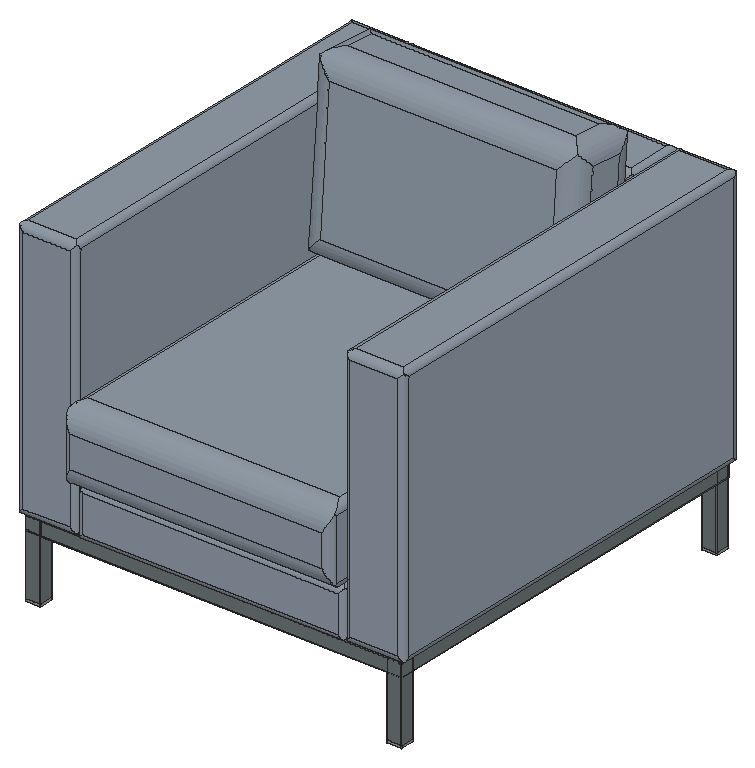
Revit family "FU_Chair_Sandler_Iber 5-1", category Furniture, Revit 2022
Family settings
  OmniClass Number = 23.40.20.00
  OmniClass Title = General Furniture and Specialties
  Work Plane-Based = No
  Always vertical = Yes
  Cut with Voids When Loaded = No
  Render Appearance Source = Family Geometry
  Shared = No
  Room Calculation Point = No
Parameters (values of type "Iber 5.1")
  Width = 780 mm
  URL = "https://www.sandlerseating.com/product/iber-5-1/"
  Seat [instance] = Fabric - Gravity - Frozen CPC27
  Model = "Iber 5.1"
  Manufacturer = "Sandler"
  Height = 780 mm
  Frame [instance] = Metal - Powdercoats - Granite Grey RAL 7026
  Description = "Lounge chair with slender armrests and chrome feet."
  Depth = 880 mm
  Default Elevation = 0 mm
Reference planes
  plane 1 "Center (Front/Back)": y = 0
  plane 2: z = 0
  plane 3 "Center (Left/Right)": x = 0
  plane 4 "Right": x = -390
  plane 5 "Left": x = 390
  plane 6 "Back": y = 440
  plane 7 "Front": y = -440
  plane 8 "Height": z = 780
  plane 9 "Seat Height": z = 410
  plane 10 "frame height FRONT": z = 155
  plane 11 "pads FRONT": z = 5
  plane 12 "frame right FRONT": x = -379.066
  plane 13 "frame left FRONT": x = 379.331
  plane 14 "frame front RIGHT": y = -396
  plane 15 "frame back RIGHT": y = 428
  plane 16 "inner right arm FRONT": x = -270.043
  plane 17 "inner left arm FRONT": x = 269.947
Forms (mm)
  Sweep 1, solid, material "Metal - Powdercoats - Granite Grey RAL 7026" <- "Frame"
    path origin (0, 0, 155) x (-1, 0, 0) y (0, -1, 0)
      loop
        line (379.066, -428) -> (379.066, 396) -> (-379.331, 396) -> (-379.331, -428) -> (379.066, -428)
    profile origin (0.132, 428, 155) x (0, 1, 0) y (0, 0, 1)
      loop
        line (-1.5, 0) -> (-28.5, 0)
        arc (-28.5, 0) -> (-29.561, -0.439) -> (-30, -1.5) r 1.5
        line (-30, -1.5) -> (-30, -26.5)
        arc (-30, -26.5) -> (-29.561, -27.561) -> (-28.5, -28) r 1.5
        line (-28.5, -28) -> (-1.5, -28)
        arc (-1.5, -28) -> (-0.439, -27.561) -> (0, -26.5) r 1.5
        line (0, -26.5) -> (0, -1.5)
        arc (0, -1.5) -> (-0.439, -0.439) -> (-1.5, 0) r 1.5
  Sweep 2, solid, material "Metal - Powdercoats - Granite Grey RAL 7026" <- "Frame"
    path origin (379.331, 0, 0) x (0, 0, 1) y (0, -1, 0)
      loop
        line (155, 396) -> (5, 396)
    profile origin (379.331, -396, 80) x (1, 0, 0) y (0, 1, 0)
      loop
        arc (-1.48, -0.021) -> (-0.419, 0.419) -> (0.02, 1.479) r 1.5
        line (0.02, 1.479) -> (0.02, 28.479)
        arc (0.02, 28.479) -> (-0.419, 29.54) -> (-1.48, 29.979) r 1.5
        line (-1.48, 29.979) -> (-28.48, 29.979)
        arc (-28.48, 29.979) -> (-29.541, 29.54) -> (-29.98, 28.479) r 1.5
        line (-29.98, 28.479) -> (-29.98, 1.479)
        arc (-29.98, 1.479) -> (-29.541, 0.419) -> (-28.48, -0.021) r 1.5
        line (-28.48, -0.021) -> (-1.48, -0.021)
  Sweep 3, solid, material "Metal - Powdercoats - Granite Grey RAL 7026" <- "Frame"
    path origin (-379.066, 0, 0) x (0, 0, 1) y (0, -1, 0)
      loop
        line (155, 396.021) -> (5, 396.021)
    profile origin (-379.066, -396.021, 80) x (1, 0, 0) y (0, 1, 0)
      loop
        arc (28.5, 0) -> (29.561, 0.439) -> (30, 1.5) r 1.5
        line (30, 1.5) -> (30, 28.5)
        arc (30, 28.5) -> (29.561, 29.561) -> (28.5, 30) r 1.5
        line (28.5, 30) -> (1.5, 30)
        arc (1.5, 30) -> (0.439, 29.561) -> (0, 28.5) r 1.5
        line (0, 28.5) -> (0, 1.5)
        arc (0, 1.5) -> (0.439, 0.439) -> (1.5, 0) r 1.5
        line (1.5, 0) -> (28.5, 0)
  Sweep 4, solid, material "Metal - Powdercoats - Granite Grey RAL 7026" <- "Frame"
    path origin (0, -396, 0) x (0, 0, 1) y (1, 0, 0)
      loop
        line (155, -379.066) -> (5, -379.066)
    profile origin (-379.066, -396, 80) x (0, 1, 0) y (-1, 0, 0)
      loop
        arc (794, -28.5) -> (794.439, -29.561) -> (795.5, -30) r 1.5
        line (795.5, -30) -> (822.5, -30)
        arc (822.5, -30) -> (823.561, -29.561) -> (824, -28.5) r 1.5
        line (824, -28.5) -> (824, -1.5)
        arc (824, -1.5) -> (823.561, -0.439) -> (822.5, 0) r 1.5
        line (822.5, 0) -> (795.5, 0)
        arc (795.5, 0) -> (794.439, -0.439) -> (794, -1.5) r 1.5
        line (794, -1.5) -> (794, -28.5)
  Sweep 5, solid, material "Metal - Powdercoats - Granite Grey RAL 7026" <- "Frame"
    path origin (379.331, 0, 0) x (0, 0, 1) y (0, -1, 0)
      loop
        line (155, -428) -> (5, -428)
    profile origin (379.331, 428, 80) x (1, 0, 0) y (0, 1, 0)
      loop
        arc (-1.5, -30) -> (-0.439, -29.561) -> (0, -28.5) r 1.5
        line (0, -28.5) -> (0, -1.5)
        arc (0, -1.5) -> (-0.439, -0.439) -> (-1.5, 0) r 1.5
        line (-1.5, 0) -> (-28.5, 0)
        arc (-28.5, 0) -> (-29.561, -0.439) -> (-30, -1.5) r 1.5
        line (-30, -1.5) -> (-30, -28.5)
        arc (-30, -28.5) -> (-29.561, -29.561) -> (-28.5, -30) r 1.5
        line (-28.5, -30) -> (-1.5, -30)
  Sweep 6, solid, material "Rubber, Natural"
    path origin (379.331, 0, 0) x (0, 0, 1) y (0, -1, 0)
      loop
        line (5, -428) -> (0, -428)
    profile origin (379.331, 428, 2.5) x (1, 0, 0) y (0, 1, 0)
      loop
        arc (-1.48, -30) -> (-0.419, -29.561) -> (0.02, -28.5) r 1.5
        line (0.02, -28.5) -> (0.02, -1.5)
        arc (0.02, -1.5) -> (-0.419, -0.439) -> (-1.48, 0) r 1.5
        line (-1.48, 0) -> (-28.48, 0)
        arc (-28.48, 0) -> (-29.541, -0.439) -> (-29.98, -1.5) r 1.5
        line (-29.98, -1.5) -> (-29.98, -28.5)
        arc (-29.98, -28.5) -> (-29.541, -29.561) -> (-28.48, -30) r 1.5
        line (-28.48, -30) -> (-1.48, -30)
  Sweep 7, solid, material "Rubber, Natural"
    path origin (379.331, 0, 0) x (0, 0, 1) y (0, -1, 0)
      loop
        line (5, 396.021) -> (0, 396.021)
    profile origin (379.331, -396.021, 2.5) x (1, 0, 0) y (0, 1, 0)
      loop
        arc (-1.48, 0) -> (-0.419, 0.439) -> (0.02, 1.5) r 1.5
        line (0.02, 1.5) -> (0.02, 28.5)
        arc (0.02, 28.5) -> (-0.419, 29.561) -> (-1.48, 30) r 1.5
        line (-1.48, 30) -> (-28.48, 30)
        arc (-28.48, 30) -> (-29.541, 29.561) -> (-29.98, 28.5) r 1.5
        line (-29.98, 28.5) -> (-29.98, 1.5)
        arc (-29.98, 1.5) -> (-29.541, 0.439) -> (-28.48, 0) r 1.5
        line (-28.48, 0) -> (-1.48, 0)
  Sweep 8, solid, material "Rubber, Natural"
    path origin (-379.066, 0, 0) x (0, 0, 1) y (0, -1, 0)
      loop
        line (5, 396.021) -> (0, 396.021)
    profile origin (-379.066, -396.021, 2.5) x (1, 0, 0) y (0, 1, 0)
      loop
        arc (28.5, 0) -> (29.561, 0.439) -> (30, 1.5) r 1.5
        line (30, 1.5) -> (30, 28.5)
        arc (30, 28.5) -> (29.561, 29.561) -> (28.5, 30) r 1.5
        line (28.5, 30) -> (1.5, 30)
        arc (1.5, 30) -> (0.439, 29.561) -> (0, 28.5) r 1.5
        line (0, 28.5) -> (0, 1.5)
        arc (0, 1.5) -> (0.439, 0.439) -> (1.5, 0) r 1.5
        line (1.5, 0) -> (28.5, 0)
  Sweep 9, solid, material "Rubber, Natural"
    path origin (-379.066, 0, 0) x (0, 0, 1) y (0, -1, 0)
      loop
        line (5, -428) -> (0, -428)
    profile origin (-379.066, 428, 2.5) x (1, 0, 0) y (0, 1, 0)
      loop
        arc (28.5, -30) -> (29.561, -29.561) -> (30, -28.5) r 1.5
        line (30, -28.5) -> (30, -1.5)
        arc (30, -1.5) -> (29.561, -0.439) -> (28.5, 0) r 1.5
        line (28.5, 0) -> (1.5, 0)
        arc (1.5, 0) -> (0.439, -0.439) -> (0, -1.5) r 1.5
        line (0, -1.5) -> (0, -28.5)
        arc (0, -28.5) -> (0.439, -29.561) -> (1.5, -30) r 1.5
        line (1.5, -30) -> (28.5, -30)
  Extrusion 10, solid, material "Fabric - Gravity - Frozen CPC27" <- "Seat"
    sketch origin (-390, 0, 0) x (0, 1, 0) y (0, 0, 1)
      loop
        arc (425, 155) -> (435.607, 159.393) -> (440, 170) r 15
        line (440, 170) -> (440, 670)
        arc (440, 670) -> (435.607, 680.607) -> (425, 685) r 15
        line (425, 685) -> (-388.972, 685)
        arc (-388.972, 685) -> (-399.579, 680.607) -> (-403.972, 670) r 15
        line (-403.972, 670) -> (-403.972, 170)
        arc (-403.972, 170) -> (-399.579, 159.393) -> (-388.972, 155) r 15
        line (-388.972, 155) -> (425, 155)
    from 0 to 119.957
  Extrusion 11, solid, material "Fabric - Gravity - Frozen CPC27" <- "Seat"
    sketch origin (390, 0, 0) x (0, 1, 0) y (0, 0, 1)
      loop
        arc (425, 155) -> (435.607, 159.393) -> (440, 170) r 15
        line (440, 170) -> (440, 670)
        arc (440, 670) -> (435.607, 680.607) -> (425, 685) r 15
        line (425, 685) -> (-388.972, 685)
        arc (-388.972, 685) -> (-399.579, 680.607) -> (-403.972, 670) r 15
        line (-403.972, 670) -> (-403.972, 170)
        arc (-403.972, 170) -> (-399.579, 159.393) -> (-388.972, 155) r 15
        line (-388.972, 155) -> (425, 155)
    from 0 to -120.053
  Sweep 12, void
    path in 3D
      loop
        line (-390, 440, 685) -> (-390, 440, 155) -> (-390, -403.972, 155) -> (-390, -403.972, 685) -> (-390, 440, 685)
    profile "Pro_edgeCut_12mm : Pro_edgeCut_12mm" origin (-390, 18.014, 685) x (-1, 0, 0) y (0, 0, 1)
      loop
        line (-7.071, 21.213) -> (-14.142, 0) -> (-12, 0)
        arc (-12, 0) -> (-3.515, -3.515) -> (0, -12) r 12
        line (0, -12) -> (0, -14.142) -> (21.213, -7.071) -> (-7.071, 21.213)
  Sweep 13, void
    path in 3D
      loop
        line (-270.043, -403.972, 685) -> (-270.043, -403.972, 155) -> (-270.043, 440, 155) -> (-270.043, 440, 685) -> (-270.043, -403.972, 685)
    profile "Pro_edgeCut_12mm : Pro_edgeCut_12mm" origin (-270.043, 18.014, 685) x (1, 0, 0) y (0, 0, 1)
      loop
        line (-7.071, 21.213) -> (-14.142, 0) -> (-12, 0)
        arc (-12, 0) -> (-3.515, -3.515) -> (0, -12) r 12
        line (0, -12) -> (0, -14.142) -> (21.213, -7.071) -> (-7.071, 21.213)
  Sweep 14, void
    path in 3D
      loop
        line (390, -403.972, 685) -> (390, -403.972, 155) -> (390, 440, 155) -> (390, 440, 685) -> (390, -403.972, 685)
    profile "Pro_edgeCut_12mm : Pro_edgeCut_12mm" origin (390, 18.014, 685) x (1, 0, 0) y (0, 0, 1)
      loop
        line (-7.071, 21.213) -> (-14.142, 0) -> (-12, 0)
        arc (-12, 0) -> (-3.515, -3.515) -> (0, -12) r 12
        line (0, -12) -> (0, -14.142) -> (21.213, -7.071) -> (-7.071, 21.213)
  Sweep 15, void
    path in 3D
      loop
        line (269.947, 440, 685) -> (269.947, 440, 155) -> (269.947, -403.972, 155) -> (269.947, -403.972, 685) -> (269.947, 440, 685)
    profile "Pro_edgeCut_12mm : Pro_edgeCut_12mm" origin (269.947, 18.014, 685) x (-1, 0, 0) y (0, 0, 1)
      loop
        line (-7.071, 21.213) -> (-14.142, 0) -> (-12, 0)
        arc (-12, 0) -> (-3.515, -3.515) -> (0, -12) r 12
        line (0, -12) -> (0, -14.142) -> (21.213, -7.071) -> (-7.071, 21.213)
  Extrusion 16, solid, material "Fabric - Gravity - Frozen CPC27" <- "Seat"
    sketch origin (0, 0, 0) x (0, 1, 0) y (0, 0, 1)
      loop
        line (-393.717, 155) -> (425, 155)
        arc (425, 155) -> (435.607, 159.393) -> (440, 170) r 15
        line (440, 170) -> (440, 669.793)
        arc (440, 669.793) -> (435.607, 680.4) -> (425, 684.793) r 15
        line (425, 684.793) -> (335, 684.793)
        arc (335, 684.793) -> (324.393, 680.4) -> (320, 669.793) r 15
        line (320, 669.793) -> (320, 255) -> (-388.717, 255)
        arc (-388.717, 255) -> (-399.324, 250.607) -> (-403.717, 240) r 15
        line (-403.717, 240) -> (-403.717, 165)
        arc (-403.717, 165) -> (-400.788, 157.929) -> (-393.717, 155) r 10
    from -270.043 to 269.947
  Sweep 17, void
    path in 3D
      loop
        line (269.947, -403.717, 255) -> (269.947, -403.717, 155) -> (269.947, 440, 155) -> (269.947, 440, 684.793) -> (269.947, 320, 684.793) -> (269.947, 320, 255) -> (269.947, -403.717, 255)
    profile "Pro_edgeCut_12mm : Pro_edgeCut_12mm" origin (269.947, -41.859, 255) x (1, 0, 0) y (0, 0, 1)
      loop
        line (-7.071, 21.213) -> (-14.142, 0) -> (-12, 0)
        arc (-12, 0) -> (-3.515, -3.515) -> (0, -12) r 12
        line (0, -12) -> (0, -14.142) -> (21.213, -7.071) -> (-7.071, 21.213)
  Sweep 18, void
    path in 3D
      loop
        line (-270.043, 320, 255) -> (-270.043, 320, 684.793) -> (-270.043, 440, 684.793) -> (-270.043, 440, 155) -> (-270.043, -403.717, 155) -> (-270.043, -403.717, 255) -> (-270.043, 320, 255)
    profile "Pro_edgeCut_12mm : Pro_edgeCut_12mm" origin (-270.043, -41.859, 255) x (-1, 0, 0) y (0, 0, 1)
      loop
        line (-7.071, 21.213) -> (-14.142, 0) -> (-12, 0)
        arc (-12, 0) -> (-3.515, -3.515) -> (0, -12) r 12
        line (0, -12) -> (0, -14.142) -> (21.213, -7.071) -> (-7.071, 21.213)
  Extrusion 19, solid, material "Fabric - Gravity - Frozen CPC27" <- "Seat"
    sketch origin (-270.043, 0, 0) x (0, 0, 1) y (0, -1, 0)
      loop
        arc (460.779, -158.902) -> (427.98, -169.413) -> (412.22, -200.037) r 45
        line (412.22, -200.037) -> (407.29, -259.601)
        arc (407.29, -259.601) -> (417.8, -292.399) -> (448.424, -308.16) r 45
        line (448.424, -308.16) -> (726.248, -331.157)
        arc (726.248, -331.157) -> (759.047, -320.647) -> (774.807, -290.023) r 45
        line (774.807, -290.023) -> (779.738, -230.458)
        arc (779.738, -230.458) -> (769.227, -197.66) -> (738.603, -181.9) r 45
        line (738.603, -181.9) -> (460.779, -158.902)
    from 0 to 539.99
  Sweep 20, void
    path in 3D
      loop
        line (269.947, 185.612, 783.45) -> (269.947, 155.19, 415.932) -> (269.947, 304.447, 403.577) -> (269.947, 334.869, 771.095) -> (269.947, 185.612, 783.45)
    profile "Pro_edgeCut_40mm : Pro_edgeCut_40mm" origin (269.947, 260.241, 777.272) x (0, -0.082494, -0.996592) y (1, 0, 0)
      loop
        line (7.071, 21.213) -> (-21.213, -7.071) -> (0, -40)
        arc (0, -40) -> (11.716, -11.716) -> (40, 0) r 40
        line (40, 0) -> (7.071, 21.213)
  Sweep 21, void
    path in 3D
      loop
        line (-270.043, 334.869, 771.095) -> (-270.043, 304.447, 403.577) -> (-270.043, 155.19, 415.932) -> (-270.043, 185.612, 783.45) -> (-270.043, 334.869, 771.095)
    profile "Pro_edgeCut_40mm : Pro_edgeCut_40mm" origin (-270.043, 260.241, 777.272) x (0, -0.082494, -0.996592) y (-1, 0, 0)
      loop
        line (7.071, 21.213) -> (-21.213, -7.071) -> (0, -40)
        arc (0, -40) -> (11.716, -11.716) -> (40, 0) r 40
        line (40, 0) -> (7.071, 21.213)
  Extrusion 22, solid, material "Fabric - Gravity - Frozen CPC27" <- "Seat"
    sketch origin (-270.043, 0, 0) x (0, 0, 1) y (0, -1, 0)
      loop
        line (255, -320) -> (410, -320) -> (410, 395)
        arc (410, 395) -> (396.82, 426.82) -> (365, 440) r 45
        line (365, 440) -> (300, 440)
        arc (300, 440) -> (268.18, 426.82) -> (255, 395) r 45
        line (255, 395) -> (255, -320)
    from 0 to 539.99
  Sweep 23, void
    path in 3D
      loop
        line (-270.043, 320, 410) -> (-270.043, 320, 255) -> (-270.043, -440, 255) -> (-270.043, -440, 410) -> (-270.043, 320, 410)
    profile "Pro_edgeCut_32-5mm : Pro_edgeCut_32-5mm" origin (-270.043, -60, 410) x (-1, 0, 0) y (0, 0, 1)
      loop
        line (-7.071, 21.213) -> (-16.25, 0)
        arc (-16.25, 0) -> (-4.76, -4.76) -> (0, -16.25) r 16.25
        line (0, -16.25) -> (21.213, -7.071) -> (-7.071, 21.213)
  Sweep 24, void
    path in 3D
      loop
        line (269.947, -440, 410) -> (269.947, -440, 255) -> (269.947, 320, 255) -> (269.947, 320, 410) -> (269.947, -440, 410)
    profile "Pro_edgeCut_32-5mm : Pro_edgeCut_32-5mm" origin (269.947, -60, 410) x (1, 0, 0) y (0, 0, 1)
      loop
        line (-7.071, 21.213) -> (-16.25, 0)
        arc (-16.25, 0) -> (-4.76, -4.76) -> (0, -16.25) r 16.25
        line (0, -16.25) -> (21.213, -7.071) -> (-7.071, 21.213)
Cuts and joins
  Sweep 12, Sweep 13 cuts Extrusion 10
  Sweep 14, Sweep 15 cuts Extrusion 11
  Sweep 17, Sweep 18 cuts Extrusion 16
  Sweep 20, Sweep 21 cuts Extrusion 19
  Sweep 23, Sweep 24 cuts Extrusion 22
Lines and regions (mm)
  sketch lines
    curve 1: line (-390, -403.972, 685) -> (-390, 440, 685)
    curve 2: line (-390, -403.972, 155) -> (-390, -403.972, 685)
    curve 3: line (-390, 440, 155) -> (-390, -403.972, 155)
    curve 4: line (-390, 440, 685) -> (-390, 440, 155)
    curve 5: line (-270.043, 440, 685) -> (-270.043, -403.972, 685)
    curve 6: line (-270.043, -403.972, 685) -> (-270.043, -403.972, 155)
    curve 7: line (-270.043, -403.972, 155) -> (-270.043, 440, 155)
    curve 8: line (-270.043, 440, 155) -> (-270.043, 440, 685)
    curve 9: line (390, 440, 685) -> (390, -403.972, 685)
    curve 10: line (390, -403.972, 685) -> (390, -403.972, 155)
    curve 11: line (390, -403.972, 155) -> (390, 440, 155)
    curve 12: line (390, 440, 155) -> (390, 440, 685)
    curve 13: line (269.947, -403.972, 685) -> (269.947, 440, 685)
    curve 14: line (269.947, -403.972, 155) -> (269.947, -403.972, 685)
    curve 15: line (269.947, 440, 155) -> (269.947, -403.972, 155)
    curve 16: line (269.947, 440, 685) -> (269.947, 440, 155)
    curve 17: line (269.947, 320, 255) -> (269.947, -403.717, 255)
    curve 18: line (269.947, -403.717, 255) -> (269.947, -403.717, 155)
    curve 19: line (269.947, -403.717, 155) -> (269.947, 440, 155)
    curve 20: line (269.947, 440, 155) -> (269.947, 440, 684.793)
    curve 21: line (269.947, 440, 684.793) -> (269.947, 320, 684.793)
    curve 22: line (269.947, 320, 684.793) -> (269.947, 320, 255)
    curve 23: line (-270.043, -403.717, 255) -> (-270.043, 320, 255)
    curve 24: line (-270.043, -403.717, 155) -> (-270.043, -403.717, 255)
    curve 25: line (-270.043, 440, 155) -> (-270.043, -403.717, 155)
    curve 26: line (-270.043, 440, 684.793) -> (-270.043, 440, 155)
    curve 27: line (-270.043, 320, 684.793) -> (-270.043, 440, 684.793)
    curve 28: line (-270.043, 320, 255) -> (-270.043, 320, 684.793)
    curve 29: line (269.947, 334.869, 771.095) -> (269.947, 185.612, 783.45)
    curve 30: line (269.947, 185.612, 783.45) -> (269.947, 155.19, 415.932)
    curve 31: line (269.947, 155.19, 415.932) -> (269.947, 304.447, 403.577)
    curve 32: line (269.947, 304.447, 403.577) -> (269.947, 334.869, 771.095)
    curve 33: line (-270.043, 185.612, 783.45) -> (-270.043, 334.869, 771.095)
    curve 34: line (-270.043, 155.19, 415.932) -> (-270.043, 185.612, 783.45)
    curve 35: line (-270.043, 304.447, 403.577) -> (-270.043, 155.19, 415.932)
    curve 36: line (-270.043, 334.869, 771.095) -> (-270.043, 304.447, 403.577)
    curve 37: line (-270.043, -440, 410) -> (-270.043, 320, 410)
    curve 38: line (-270.043, -440, 255) -> (-270.043, -440, 410)
    curve 39: line (-270.043, 320, 255) -> (-270.043, -440, 255)
    curve 40: line (-270.043, 320, 410) -> (-270.043, 320, 255)
    curve 41: line (269.947, 320, 410) -> (269.947, -440, 410)
    curve 42: line (269.947, -440, 410) -> (269.947, -440, 255)
    curve 43: line (269.947, -440, 255) -> (269.947, 320, 255)
    curve 44: line (269.947, 320, 255) -> (269.947, 320, 410)
Dimensions and locks
  equal spacing: plane 6 "Back", plane 1 "Center (Front/Back)", plane 7 "Front"
  "Depth": plane 6 "Back" to plane 7 "Front"
  equal spacing: plane 4 "Right", plane 3 "Center (Left/Right)", plane 5 "Left"
  "Width": plane 4 "Right" to plane 5 "Left"
  "Height": plane 8 "Height" to level
  locked: plane 12 "frame right FRONT" to plane 4 "Right" at 10.934
  locked: plane 5 "Left" to plane 13 "frame left FRONT" at 10.669
  locked: plane 16 "inner right arm FRONT" to plane 12 "frame right FRONT" at 109.022
  locked: plane 13 "frame left FRONT" to plane 17 "inner left arm FRONT" at 109.384
  aligned and locked: level to plane 2
  aligned and locked: Sweep 1 sketch curve to plane 15 "frame back RIGHT"
  aligned and locked: plane 12 "frame right FRONT" to Sweep 1 sketch curve
  aligned and locked: plane 14 "frame front RIGHT" to Sweep 1 sketch curve
  aligned and locked: Sweep 1 sketch curve to plane 13 "frame left FRONT"
  aligned and locked: plane 16 "inner right arm FRONT" to Extrusion 10
  aligned and locked: Extrusion 11 to plane 17 "inner left arm FRONT"
  aligned and locked: Extrusion 16 to plane 16 "inner right arm FRONT"
  aligned and locked: plane 17 "inner left arm FRONT" to Extrusion 16
  aligned and locked: plane 17 "inner left arm FRONT" to Extrusion 19
Automatic sketch dimensions
  Sweep 1 sketch curve to plane 10 "frame height FRONT" = 0 mm
  Sweep 1 sketch curve to profile plane = 0 mm
  Sweep 1 sketch curve to Sweep 1 sketch curve = 1.5 mm  (x2)
  Sweep 1 sketch curve to plane 10 "frame height FRONT" = 1.5 mm  (x2)
  Sweep 1 sketch curve to Sweep 1 sketch curve = 27 mm
  Sweep 1 sketch curve to Sweep 1 sketch curve = 25 mm
  plane 11 "pads FRONT" to Sweep 2 sketch curve = 0 mm
  Sweep 2 sketch curve to plane 10 "frame height FRONT" = 0 mm
  Sweep 2 sketch curve to plane 14 "frame front RIGHT" = 0 mm
  Sweep 2 sketch curve to plane 13 "frame left FRONT" = 29.98 mm
  Sweep 2 sketch curve to Sweep 2 sketch curve = 1.5 mm  (x2)
  profile plane to Sweep 2 sketch curve = 0.021 mm
  Sweep 2 sketch curve to plane 13 "frame left FRONT" = 1.48 mm  (x2)
  plane 13 "frame left FRONT" to Sweep 2 sketch curve = 0.02 mm
  Sweep 2 sketch curve to Sweep 2 sketch curve = 27 mm
  plane 11 "pads FRONT" to Sweep 3 sketch curve = 0 mm
  Sweep 3 sketch curve to plane 10 "frame height FRONT" = 0 mm
  Sweep 3 sketch curve to plane 14 "frame front RIGHT" = 0.021 mm
  Sweep 3 sketch curve to plane 12 "frame right FRONT" = 0 mm
  profile plane to Sweep 3 sketch curve = 0 mm
  plane 12 "frame right FRONT" to Sweep 3 sketch curve = 1.5 mm  (x2)
  Sweep 3 sketch curve to Sweep 3 sketch curve = 27 mm  (x3)
  Sweep 3 sketch curve to profile plane = 1.5 mm
  Sweep 4 sketch curve to profile plane = 0 mm
  Sweep 4 sketch curve to plane 15 "frame back RIGHT" = 30 mm
  Sweep 4 sketch curve to Sweep 4 sketch curve = 1.5 mm  (x2)
  Sweep 4 sketch curve to plane 15 "frame back RIGHT" = 1.5 mm  (x2)
  plane 15 "frame back RIGHT" to Sweep 4 sketch curve = 0 mm
  Sweep 4 sketch curve to Sweep 4 sketch curve = 27 mm
  Sweep 4 sketch curve to plane 11 "pads FRONT" = 0 mm
  Sweep 4 sketch curve to plane 10 "frame height FRONT" = 0 mm
  Sweep 4 sketch curve to plane 12 "frame right FRONT" = 0 mm
  Sweep 5 sketch curve to plane 15 "frame back RIGHT" = 0 mm
  Sweep 5 sketch curve to plane 10 "frame height FRONT" = 0 mm
  Sweep 5 sketch curve to plane 11 "pads FRONT" = 0 mm
  Sweep 5 sketch curve to plane 13 "frame left FRONT" = 30 mm
  Sweep 5 sketch curve to profile plane = 0 mm
  Sweep 5 sketch curve to Sweep 5 sketch curve = 1.5 mm  (x2)
  profile plane to Sweep 5 sketch curve = 1.5 mm
  Sweep 5 sketch curve to plane 13 "frame left FRONT" = 1.5 mm  (x2)
  Sweep 5 sketch curve to Sweep 5 sketch curve = 27 mm
  Sweep 6 sketch curve to level = 0 mm
  plane 11 "pads FRONT" to Sweep 6 sketch curve = 0 mm
  plane 15 "frame back RIGHT" to Sweep 6 sketch curve = 0 mm
  Sweep 6 sketch curve to plane 13 "frame left FRONT" = 29.98 mm
  Sweep 6 sketch curve to Sweep 6 sketch curve = 1.5 mm  (x2)
  Sweep 6 sketch curve to plane 13 "frame left FRONT" = 1.48 mm  (x2)
  plane 13 "frame left FRONT" to Sweep 6 sketch curve = 0.02 mm
  profile plane to Sweep 6 sketch curve = 30 mm
  profile plane to Sweep 6 sketch curve = 1.5 mm
  Sweep 7 sketch curve to level = 0 mm
  plane 11 "pads FRONT" to Sweep 7 sketch curve = 0 mm
  Sweep 7 sketch curve to plane 14 "frame front RIGHT" = 0.021 mm
  profile plane to Sweep 7 sketch curve = 0 mm
  Sweep 7 sketch curve to profile plane = 1.5 mm
  Sweep 7 sketch curve to plane 13 "frame left FRONT" = 29.98 mm
  Sweep 7 sketch curve to Sweep 7 sketch curve = 1.5 mm
  Sweep 7 sketch curve to plane 13 "frame left FRONT" = 1.48 mm  (x2)
  plane 13 "frame left FRONT" to Sweep 7 sketch curve = 0.02 mm
  Sweep 7 sketch curve to Sweep 7 sketch curve = 27 mm
  Sweep 8 sketch curve to level = 0 mm
  plane 11 "pads FRONT" to Sweep 8 sketch curve = 0 mm
  Sweep 8 sketch curve to plane 14 "frame front RIGHT" = 0.021 mm
  Sweep 8 sketch curve to plane 12 "frame right FRONT" = 0 mm
  profile plane to Sweep 8 sketch curve = 0 mm
  plane 12 "frame right FRONT" to Sweep 8 sketch curve = 1.5 mm  (x2)
  Sweep 8 sketch curve to Sweep 8 sketch curve = 27 mm  (x3)
  Sweep 8 sketch curve to profile plane = 1.5 mm
  Sweep 9 sketch curve to level = 0 mm
  plane 11 "pads FRONT" to Sweep 9 sketch curve = 0 mm
  Sweep 9 sketch curve to plane 15 "frame back RIGHT" = 0 mm
  Sweep 9 sketch curve to plane 12 "frame right FRONT" = 0 mm
  Sweep 9 sketch curve to profile plane = 0 mm
  plane 12 "frame right FRONT" to Sweep 9 sketch curve = 1.5 mm  (x2)
  profile plane to Sweep 9 sketch curve = 1.5 mm
  Sweep 9 sketch curve to Sweep 9 sketch curve = 27 mm  (x2)
  Sweep 9 sketch curve to Sweep 9 sketch curve = 1.5 mm
  Extrusion 10 sketch curve to plane 10 "frame height FRONT" = 0 mm
  Extrusion 10 sketch curve to plane 6 "Back" = 0 mm
  Extrusion 10 sketch curve to plane 15 "frame back RIGHT" = 3 mm  (x2)
  plane 14 "frame front RIGHT" to Extrusion 10 sketch curve = 7.028 mm  (x2)
  Extrusion 10 sketch curve to plane 14 "frame front RIGHT" = 7.972 mm
  Extrusion 10 sketch curve to plane 8 "Height" = 110 mm
  Extrusion 11 sketch curve to plane 10 "frame height FRONT" = 0 mm
  Extrusion 11 sketch curve to plane 6 "Back" = 0 mm
  Extrusion 11 sketch curve to plane 15 "frame back RIGHT" = 3 mm  (x2)
  plane 14 "frame front RIGHT" to Extrusion 11 sketch curve = 7.028 mm  (x2)
  Extrusion 11 sketch curve to plane 14 "frame front RIGHT" = 7.972 mm
  Extrusion 11 sketch curve to plane 8 "Height" = 110 mm
  Extrusion 16 sketch curve to plane 10 "frame height FRONT" = 0 mm
  Extrusion 16 sketch curve to plane 6 "Back" = 0 mm
  Extrusion 16 sketch curve to plane 15 "frame back RIGHT" = 3 mm  (x2)
  Extrusion 16 sketch curve to Extrusion 16 sketch curve = 90 mm
  Extrusion 16 sketch curve to plane 15 "frame back RIGHT" = 108 mm
  plane 14 "frame front RIGHT" to Extrusion 16 sketch curve = 7.283 mm
  plane 14 "frame front RIGHT" to Extrusion 16 sketch curve = 2.283 mm
  Extrusion 16 sketch curve to plane 14 "frame front RIGHT" = 7.717 mm
  Extrusion 16 sketch curve to Extrusion 16 sketch curve = 75 mm
  Extrusion 16 sketch curve to plane 8 "Height" = 110.207 mm
  Extrusion 19 sketch curve to plane 9 "Seat Height" = 2.71 mm
  plane 9 "Seat Height" to Extrusion 19 sketch curve = 2.22 mm
  plane 9 "Seat Height" to Extrusion 19 sketch curve = 38.424 mm
  plane 9 "Seat Height" to Extrusion 19 sketch curve = 42.136 mm
  Extrusion 19 sketch curve to Extrusion 19 sketch curve = 44.847 mm  (x2)
  Extrusion 19 sketch curve to Extrusion 19 sketch curve = 3.712 mm  (x4)
  Extrusion 19 sketch curve to plane 8 "Height" = 53.752 mm
  Extrusion 19 sketch curve to plane 8 "Height" = 45.109 mm
  Extrusion 19 sketch curve to plane 8 "Height" = 41.397 mm
  Extrusion 19 sketch curve to plane 8 "Height" = 5.193 mm
  Extrusion 19 sketch curve to plane 8 "Height" = 0.262 mm
  Extrusion 19 sketch curve to plane 15 "frame back RIGHT" = 96.843 mm
  Extrusion 19 sketch curve to plane 15 "frame back RIGHT" = 119.84 mm
  Extrusion 19 sketch curve to Extrusion 19 sketch curve = 41.134 mm
  Extrusion 19 sketch curve to Extrusion 19 sketch curve = 59.564 mm  (x2)
  Extrusion 22 sketch curve to plane 7 "Front" = 0 mm
  Extrusion 22 sketch curve to plane 9 "Seat Height" = 0 mm
  plane 14 "frame front RIGHT" to Extrusion 22 sketch curve = 1 mm
  Extrusion 22 sketch curve to Extrusion 22 sketch curve = 65 mm
  plane 10 "frame height FRONT" to Extrusion 22 sketch curve = 100 mm
  Extrusion 22 sketch curve to plane 15 "frame back RIGHT" = 108 mm
